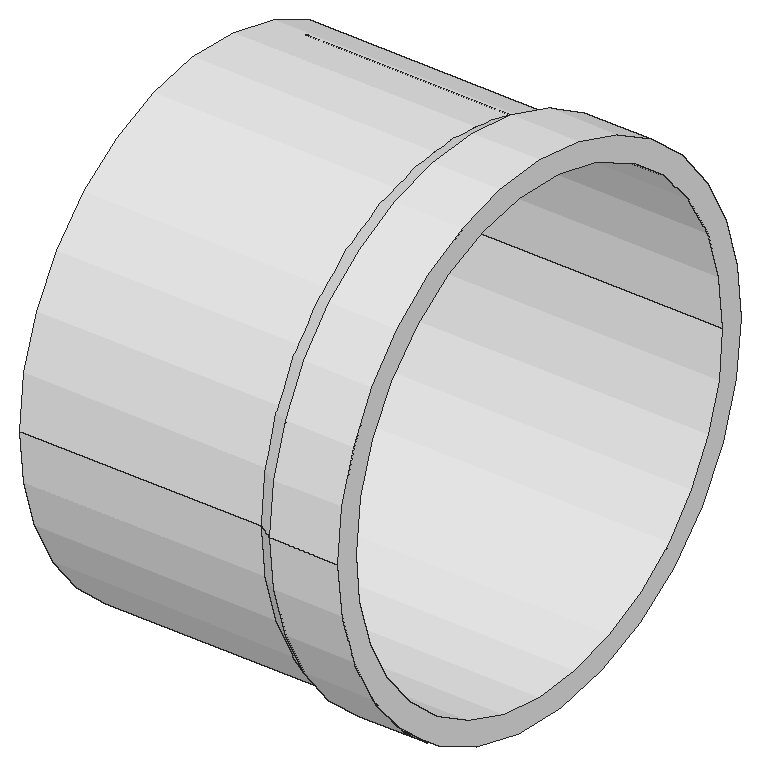
Revit family "Valvula_Retencao_Prolongamento", category Pipe Fittings, Revit 2025
Family settings
  Round Connector Dimension = Use Radius
  Part Type = Cap
  Work Plane-Based = No
  Always vertical = Yes
  Cut with Voids When Loaded = No
  Shared = Yes
Parameters (values of type "Standard")
  URL = "http://www.tigre.com.br"
  Type Comments = ""
  Tigre: Sistema = "Esgoto"  # constant formula
  Tigre: Norma = ""
  Tigre: Material = "PVC Branco"  # constant formula
  Tigre: Marcador [instance] = "00"
  Tigre: Link do Produto = "http://www.tigre.com.br/pt/produtos_unico.php?rcr_id=4&cpr_id=10&cpr_id_pai=4&lnh_id=9&prd_id=719"
  Tigre: Linha = "Série Normal"  # constant formula
  Tigre: Fabricante = "© Tigre S/A"  # constant formula
  Tigre: Descrição [instance] = if(Diâmetro Nominal = 150.00 mm, "Prolongamento para Válvula de Retenção 150mm, Esgoto Série Normal - TIGRE", "Produto Inexistente")  # "Prolongamento para Válvula de Retenção 150mm, Esgoto Série Normal - TIGRE"
  Tigre: Código com Separador [instance] = if(Diâmetro Nominal = 150.00 mm, "26.42.510.7", "Produto ou Código Inexistente")  # "26.42.510.7"
  Tigre: Código [instance] = if(Diâmetro Nominal = 150.00 mm, 26425107, 0)  # 26425107
  Tigre: Comentários [instance] = ""
  Raio Nominal [instance] = 75 mm
  Raio Interno [instance] = 0.95 * Raio Nominal  # 71.25 mm
  Raio Externo 2 [instance] = Diâmetro Externo 2 / 2  # 78 mm
  Raio Externo 1 [instance] = Diâmetro Externo 1 / 2  # 75 mm
  Model = ""
  Manufacturer = Tigre: Fabricante  # "© Tigre S/A"
  Loss Method = Not Defined
  Lookup Table Name = "Prolongamento para Valvula de Retencao  - Serie Normal - Esgoto - MEP - Tigre"
  Description = "Prolongamento para Válvula de Retenção, Esgoto Série Normal"
  Default Elevation = 0.00 mm
  Cota E [instance] = size_lookup(Lookup Table Name, "CotE", 0.4973 * Diâmetro Nominal, Diâmetro Nominal)  # 74.6 mm
  Cota D [instance] = size_lookup(Lookup Table Name, "CotE", 0.4973 * Diâmetro Nominal, Diâmetro Nominal)  # 74.6 mm
  Acabamento [instance] = none
  Diâmetro Nominal [instance] = Raio Nominal * 2  # 150 mm
  Diâmetro Externo 2 [instance] = size_lookup(Lookup Table Name, "DE1", 1.04 * Diâmetro Nominal, Diâmetro Nominal)  # 156 mm
  Diâmetro Externo 1 [instance] = size_lookup(Lookup Table Name, "DE2", Diâmetro Nominal, Diâmetro Nominal)  # 150 mm
  Cota C [instance] = 5.40 mm  # 5.4 mm
  Cota B [instance] = 21.00 mm  # 21 mm
  Ajustar Comprimento (máx.80cm) [instance] = 80 mm
Reference planes
  plane 1 "Center (Front/Back)": y = 0
  plane 2: z = 0
  plane 3 "Center (Left/Right)": x = 0
  plane 4: x = 101
  plane 5: x = 74.6
  plane 6: x = 80
Forms (mm)
  Sweep 1, solid, material "PVC", detail levels fine
    path origin (0, 0, 0) x (1, 0, 0) y (0, 1, 0)
      loop
        line (0, 0) -> (74.6, 0)
    profile origin (37.3, 0, 0) x (0, 1, 0) y (0, 0, 1)
      loop
        circle (0, 0) r 75
  Sweep 2, solid, material "PVC", detail levels fine
    path origin (0, 0, 0) x (1, 0, 0) y (0, 1, 0)
      loop
        line (80, 0) -> (101, 0)
    profile origin (90.5, 0, 0) x (0, 1, 0) y (0, 0, 1)
      loop
        circle (0, 0) r 78
  SweptBlend 3, solid, material "PVC", detail levels fine
    path origin (0, 0, 0) x (1, 0, 0) y (0, 1, 0)
      loop
        line (74.6, 0) -> (80, 0)
    profile origin (74.6, 0, 0) x (0, 1, 0) y (0, 0, 1)
      loop
        circle (0, 0) r 75
    end profile origin (80, 0, 0) x (0, 1, 0) y (0, 0, 1)
      loop
        circle (0, 0) r 78
  Sweep 4, void
    path origin (0, 0, 0) x (1, 0, 0) y (0, 1, 0)
      loop
        line (0, 0) -> (101, 0)
    profile origin (50.5, 0, 0) x (0, 1, 0) y (0, 0, 1)
      loop
        circle (0, 0) r 71.25
Cuts and joins
  Sweep 4 cuts Sweep 1
  Sweep 4 cuts Sweep 2
  Sweep 4 cuts SweptBlend 3
  joined: Sweep 1, Sweep 2, SweptBlend 3
Dimensions and locks
  "Cota C": plane 5 to plane 6
  "Cota B": plane 6 to plane 4
  "Ajustar Comprimento (máx.80cm)": plane 3 "Center (Left/Right)" to plane 6
  "Raio Externo 1": radius of Sweep 1 sketch curve
  "Raio Externo 2": radius of Sweep 2 sketch curve
  "Raio Interno": radius of Sweep 4 sketch curve
  aligned and locked: plane 5 to Sweep 1 sketch curve
  aligned and locked: plane 1 "Center (Front/Back)" to Sweep 1 sketch curve
  aligned and locked: plane 6 to Sweep 2 sketch curve
  aligned and locked: plane 4 to Sweep 2 sketch curve
  aligned and locked: plane 1 "Center (Front/Back)" to Sweep 2 sketch curve
  aligned and locked: plane 5 to SweptBlend 3 sketch curve
  aligned and locked: plane 6 to SweptBlend 3 sketch curve
  aligned and locked: plane 1 "Center (Front/Back)" to SweptBlend 3 sketch curve
  aligned and locked: SweptBlend 3 sketch curve to Sweep 1  (x2)
  aligned and locked: SweptBlend 3 sketch curve to Sweep 2  (x2)
  aligned and locked: plane 4 to Sweep 4 sketch curve
Automatic sketch dimensions
  Sweep 1 sketch curve to level = 0.00 mm
  Sweep 1 sketch curve to profile plane = 0.00 mm
  Sweep 2 sketch curve to level = 0.00 mm
  Sweep 2 sketch curve to profile plane = 0.00 mm
  plane 1 "Center (Front/Back)" to Sweep 4 sketch curve = 0.00 mm
  Sweep 4 sketch curve to level = 0.00 mm
  Sweep 4 sketch curve to profile plane = 0.00 mm
  Sweep 1 sketch curve to plane 3 "Center (Left/Right)" = 0.00 mm
  Sweep 4 sketch curve to plane 3 "Center (Left/Right)" = 0.00 mm
Connectors
  piping at (0, 0, 0), diameter 150, driven by "Raio Nominal"
    settings: on cut or joined group of Sweep 1, Sweep 2, SweptBlend 3, Sweep 4, index 1, connector inside diameter 150 mm, connector length 0.00 mm, flow factor 0, pipe flow 0.0 L/s, pressure drop 0.0 Pa, fitting loss kfactor 0, connector angle 0.00°, fixture units 0, engagement length 0.00 mm, angle of deflection 0.00°, flow configuration 0, flow direction 0, fitting loss method 0, system type 28, joint type 0, gender type 0, connector reference index -1, connector utility 0, adjustable connector no, is connector primary yes, connector description ""
